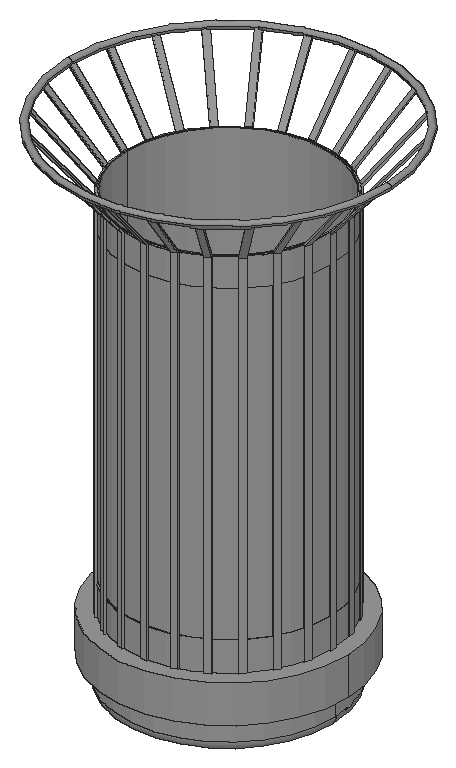
Revit family "Урна «Параллель с бетонным Арт 17090", category Антураж, Revit 2018
Family settings
  На основе рабочей плоскости = Нет
  Всегда вертикально = Да
  При загрузке вырезать с полостями = Нет
  Источник визуального образа = Геометрия семейства
  Общий = Нет
  Точка расчета площади = Нет
Parameters
  Ширина = 515 mm  # constant formula
  Цвет урны = Нержавеющая сталь
  Цвет основания = Бетон
  Цвет каркаса = Сталь
  Описание = "Урна «Параллель с бетонным основанием». Объем 45 литров"  # constant formula
  Материал изделия = ""
  Изображение типоразмера = Урна «Параллель с бетонным Арт 17090.jpg
  Изготовитель = "ООО «Хоббика»"  # constant formula
  Длина = 515 mm  # constant formula
  Группа модели = "Уличные урны"  # constant formula
  Высота = 800 mm  # constant formula
  Артикул товара = "Арт. 17090"  # constant formula
  URL = "https://hobbyka.ru/product/urna_parallel_s_betonnym_osnovaniem/"
Reference planes
  plane 1 "По центру (Вперед/Назад)": y = 0
  plane 2: z = 0
  plane 3 "По центру (Влево/Вправо)": x = 0
  plane 4: y = 515
  plane 5: x = 515
  plane 6: z = 800
Forms (mm)
  Extrusion 1, solid, material "Бетон" <- "Цвет основания"
    sketch origin (0, 0, 0) x (1, 0, 0) y (0, 1, 0)
      loop
        circle (257.5, 257.5) r 190
    from 0 to 110
  Sweep 2, void
    path origin (0, 0, 0) x (1, 0, 0) y (0, 1, 0)
      loop
        circle (257.5, 257.5) r 190
    profile origin (257.5, 447.5, 0) x (0, -1, 0) y (0, 0, 1)
      loop
        line (20, 15) -> (20, 50) -> (0, 50) -> (0, 110) -> (-10, 110) -> (-10, 0) -> (35, 0)
        arc (35, 0) -> (24.393, 4.393) -> (20, 15) r 15
  Extrusion 3, solid, material "Сталь" <- "Цвет каркаса"
    sketch origin (0, 0, 0) x (1, 0, 0) y (0, 1, 0)
      loop
        circle (257.5, 257.5) r 162.5
      loop
        circle (257.5, 257.5) r 164.5
    from 110 to 157.068
  Extrusion 4, solid, material "Сталь" <- "Цвет каркаса"
    sketch origin (0, 0, 0) x (1, 0, 0) y (0, 1, 0)
      loop
        circle (257.5, 257.5) r 162.5
      loop
        circle (257.5, 257.5) r 164.5
    from 654.963 to 700
  Sweep 5, solid, material "Сталь" <- "Цвет каркаса"
    path origin (0, 0, 0) x (1, 0, 0) y (0, 1, 0)
      loop
        circle (257.5, 257.5) r 257.5
    profile origin (257.5, 515, 0) x (0, -1, 0) y (0, 0, 1)
      loop
        circle (5, 795) r 5
  Extrusion 6, solid, material "Сталь" <- "Цвет каркаса"
    sketch origin (515, 515, 0) x (-1, 0, 0) y (0, 0, 1)
      loop
        line (422, 110) -> (424, 110) -> (424, 699.249) -> (505.588, 792.633)
        arc (505.588, 792.633) -> (505.145, 793.776) -> (504.993, 794.992) r 5.007
        line (504.993, 794.992) -> (422, 700) -> (422, 110)
    from -262.5 to -252.5
  Extrusion 7, solid, material "Сталь" <- "Цвет каркаса"
    sketch origin (0, 515, 0) x (0, -1, 0) y (0, 0, 1)
      loop
        line (422, 110) -> (424, 110) -> (424, 699.249) -> (505.588, 792.633)
        arc (505.588, 792.633) -> (505.145, 793.776) -> (504.993, 794.992) r 5.007
        line (504.993, 794.992) -> (422, 700) -> (422, 110)
    from -262.5 to -252.5
  Extrusion 8, solid, material "Сталь" <- "Цвет каркаса"
    sketch origin (0, 0, 0) x (1, 0, 0) y (0, 0, 1)
      loop
        line (422, 110) -> (424, 110) -> (424, 699.249) -> (505.588, 792.633)
        arc (505.588, 792.633) -> (505.145, 793.776) -> (504.993, 794.992) r 5.007
        line (504.993, 794.992) -> (422, 700) -> (422, 110)
    from -262.5 to -252.5
  Extrusion 9, solid, material "Сталь" <- "Цвет каркаса"
    sketch origin (515, 0, 0) x (0, 1, 0) y (0, 0, 1)
      loop
        line (422, 110) -> (424, 110) -> (424, 699.249) -> (505.588, 792.633)
        arc (505.588, 792.633) -> (505.145, 793.776) -> (504.993, 794.992) r 5.007
        line (504.993, 794.992) -> (422, 700) -> (422, 110)
    from -262.5 to -252.5
  Extrusion 10, solid, material "Сталь" <- "Цвет каркаса"
    sketch origin (621.66, 257.5, 0) x (-0.707107, 0.707107, 0) y (0, 0, 1)
      loop
        line (422, 110) -> (424, 110) -> (424, 699.249) -> (505.588, 792.633)
        arc (505.588, 792.633) -> (505.145, 793.776) -> (504.993, 794.992) r 5.007
        line (504.993, 794.992) -> (422, 700) -> (422, 110)
    from -262.5 to -252.5
  Extrusion 11, solid, material "Сталь" <- "Цвет каркаса"
    sketch origin (257.5, 621.66, 0) x (-0.707107, -0.707107, 0) y (0, 0, 1)
      loop
        line (422, 110) -> (424, 110) -> (424, 699.249) -> (505.588, 792.633)
        arc (505.588, 792.633) -> (505.145, 793.776) -> (504.993, 794.992) r 5.007
        line (504.993, 794.992) -> (422, 700) -> (422, 110)
    from -262.5 to -252.5
  Extrusion 12, solid, material "Сталь" <- "Цвет каркаса"
    sketch origin (-106.66, 257.5, 0) x (0.707107, -0.707107, 0) y (0, 0, 1)
      loop
        line (422, 110) -> (424, 110) -> (424, 699.249) -> (505.588, 792.633)
        arc (505.588, 792.633) -> (505.145, 793.776) -> (504.993, 794.992) r 5.007
        line (504.993, 794.992) -> (422, 700) -> (422, 110)
    from -262.5 to -252.5
  Extrusion 13, solid, material "Сталь" <- "Цвет каркаса"
    sketch origin (257.5, -106.66, 0) x (0.707107, 0.707107, 0) y (0, 0, 1)
      loop
        line (422, 110) -> (424, 110) -> (424, 699.249) -> (505.588, 792.633)
        arc (505.588, 792.633) -> (505.145, 793.776) -> (504.993, 794.992) r 5.007
        line (504.993, 794.992) -> (422, 700) -> (422, 110)
    from -262.5 to -252.5
  Extrusion 14, solid, material "Сталь" <- "Цвет каркаса"
    sketch origin (572.872, 439.58, 0) x (-0.965926, 0.258819, 0) y (0, 0, 1)
      loop
        line (422, 110) -> (424, 110) -> (424, 699.249) -> (505.588, 792.633)
        arc (505.588, 792.633) -> (505.145, 793.776) -> (504.993, 794.992) r 5.007
        line (504.993, 794.992) -> (422, 700) -> (422, 110)
    from -262.5 to -252.5
  Extrusion 15, solid, material "Сталь" <- "Цвет каркаса"
    sketch origin (75.42, 572.872, 0) x (-0.258819, -0.965926, 0) y (0, 0, 1)
      loop
        line (422, 110) -> (424, 110) -> (424, 699.249) -> (505.588, 792.633)
        arc (505.588, 792.633) -> (505.145, 793.776) -> (504.993, 794.992) r 5.007
        line (504.993, 794.992) -> (422, 700) -> (422, 110)
    from -262.5 to -252.5
  Extrusion 16, solid, material "Сталь" <- "Цвет каркаса"
    sketch origin (-57.872, 75.42, 0) x (0.965926, -0.258819, 0) y (0, 0, 1)
      loop
        line (422, 110) -> (424, 110) -> (424, 699.249) -> (505.588, 792.633)
        arc (505.588, 792.633) -> (505.145, 793.776) -> (504.993, 794.992) r 5.007
        line (504.993, 794.992) -> (422, 700) -> (422, 110)
    from -262.5 to -252.5
  Extrusion 17, solid, material "Сталь" <- "Цвет каркаса"
    sketch origin (439.58, -57.872, 0) x (0.258819, 0.965926, 0) y (0, 0, 1)
      loop
        line (422, 110) -> (424, 110) -> (424, 699.249) -> (505.588, 792.633)
        arc (505.588, 792.633) -> (505.145, 793.776) -> (504.993, 794.992) r 5.007
        line (504.993, 794.992) -> (422, 700) -> (422, 110)
    from -262.5 to -252.5
  Extrusion 18, solid, material "Сталь" <- "Цвет каркаса"
    sketch origin (609.252, 163.248, 0) x (-0.5, 0.866025, 0) y (0, 0, 1)
      loop
        line (422, 110) -> (424, 110) -> (424, 699.249) -> (505.588, 792.633)
        arc (505.588, 792.633) -> (505.145, 793.776) -> (504.993, 794.992) r 5.007
        line (504.993, 794.992) -> (422, 700) -> (422, 110)
    from -262.5 to -252.5
  Extrusion 19, solid, material "Сталь" <- "Цвет каркаса"
    sketch origin (351.752, 609.252, 0) x (-0.866025, -0.5, 0) y (0, 0, 1)
      loop
        line (422, 110) -> (424, 110) -> (424, 699.249) -> (505.588, 792.633)
        arc (505.588, 792.633) -> (505.145, 793.776) -> (504.993, 794.992) r 5.007
        line (504.993, 794.992) -> (422, 700) -> (422, 110)
    from -262.5 to -252.5
  Extrusion 20, solid, material "Сталь" <- "Цвет каркаса"
    sketch origin (-94.252, 351.752, 0) x (0.5, -0.866025, 0) y (0, 0, 1)
      loop
        line (422, 110) -> (424, 110) -> (424, 699.249) -> (505.588, 792.633)
        arc (505.588, 792.633) -> (505.145, 793.776) -> (504.993, 794.992) r 5.007
        line (504.993, 794.992) -> (422, 700) -> (422, 110)
    from -262.5 to -252.5
  Extrusion 21, solid, material "Сталь" <- "Цвет каркаса"
    sketch origin (163.248, -94.252, 0) x (0.866025, 0.5, 0) y (0, 0, 1)
      loop
        line (422, 110) -> (424, 110) -> (424, 699.249) -> (505.588, 792.633)
        arc (505.588, 792.633) -> (505.145, 793.776) -> (504.993, 794.992) r 5.007
        line (504.993, 794.992) -> (422, 700) -> (422, 110)
    from -262.5 to -252.5
  Extrusion 22, solid, material "Сталь" <- "Цвет каркаса"
    sketch origin (609.252, 351.752, 0) x (-0.866025, 0.5, 0) y (0, 0, 1)
      loop
        line (422, 110) -> (424, 110) -> (424, 699.249) -> (505.588, 792.633)
        arc (505.588, 792.633) -> (505.145, 793.776) -> (504.993, 794.992) r 5.007
        line (504.993, 794.992) -> (422, 700) -> (422, 110)
    from -262.5 to -252.5
  Extrusion 23, solid, material "Сталь" <- "Цвет каркаса"
    sketch origin (163.248, 609.252, 0) x (-0.5, -0.866025, 0) y (0, 0, 1)
      loop
        line (422, 110) -> (424, 110) -> (424, 699.249) -> (505.588, 792.633)
        arc (505.588, 792.633) -> (505.145, 793.776) -> (504.993, 794.992) r 5.007
        line (504.993, 794.992) -> (422, 700) -> (422, 110)
    from -262.5 to -252.5
  Extrusion 24, solid, material "Сталь" <- "Цвет каркаса"
    sketch origin (-94.252, 163.248, 0) x (0.866025, -0.5, 0) y (0, 0, 1)
      loop
        line (422, 110) -> (424, 110) -> (424, 699.249) -> (505.588, 792.633)
        arc (505.588, 792.633) -> (505.145, 793.776) -> (504.993, 794.992) r 5.007
        line (504.993, 794.992) -> (422, 700) -> (422, 110)
    from -262.5 to -252.5
  Extrusion 25, solid, material "Сталь" <- "Цвет каркаса"
    sketch origin (351.752, -94.252, 0) x (0.5, 0.866025, 0) y (0, 0, 1)
      loop
        line (422, 110) -> (424, 110) -> (424, 699.249) -> (505.588, 792.633)
        arc (505.588, 792.633) -> (505.145, 793.776) -> (504.993, 794.992) r 5.007
        line (504.993, 794.992) -> (422, 700) -> (422, 110)
    from -262.5 to -252.5
  Extrusion 26, solid, material "Сталь" <- "Цвет каркаса"
    sketch origin (572.872, 75.42, 0) x (-0.258819, 0.965926, 0) y (0, 0, 1)
      loop
        line (422, 110) -> (424, 110) -> (424, 699.249) -> (505.588, 792.633)
        arc (505.588, 792.633) -> (505.145, 793.776) -> (504.993, 794.992) r 5.007
        line (504.993, 794.992) -> (422, 700) -> (422, 110)
    from -262.5 to -252.5
  Extrusion 27, solid, material "Сталь" <- "Цвет каркаса"
    sketch origin (439.58, 572.872, 0) x (-0.965926, -0.258819, 0) y (0, 0, 1)
      loop
        line (422, 110) -> (424, 110) -> (424, 699.249) -> (505.588, 792.633)
        arc (505.588, 792.633) -> (505.145, 793.776) -> (504.993, 794.992) r 5.007
        line (504.993, 794.992) -> (422, 700) -> (422, 110)
    from -262.5 to -252.5
  Extrusion 28, solid, material "Сталь" <- "Цвет каркаса"
    sketch origin (-57.872, 439.58, 0) x (0.258819, -0.965926, 0) y (0, 0, 1)
      loop
        line (422, 110) -> (424, 110) -> (424, 699.249) -> (505.588, 792.633)
        arc (505.588, 792.633) -> (505.145, 793.776) -> (504.993, 794.992) r 5.007
        line (504.993, 794.992) -> (422, 700) -> (422, 110)
    from -262.5 to -252.5
  Extrusion 29, solid, material "Сталь" <- "Цвет каркаса"
    sketch origin (75.42, -57.872, 0) x (0.965926, 0.258819, 0) y (0, 0, 1)
      loop
        line (422, 110) -> (424, 110) -> (424, 699.249) -> (505.588, 792.633)
        arc (505.588, 792.633) -> (505.145, 793.776) -> (504.993, 794.992) r 5.007
        line (504.993, 794.992) -> (422, 700) -> (422, 110)
    from -262.5 to -252.5
  Extrusion 30, solid, material "Нержавеющая сталь" <- "Цвет урны"
    sketch origin (0, 0, 0) x (1, 0, 0) y (0, 1, 0)
      loop
        circle (257.5, 257.5) r 162.5
    from 110 to 700
  Extrusion 31, void
    sketch origin (0, 0, 0) x (1, 0, 0) y (0, 1, 0)
      loop
        circle (257.5, 257.5) r 160.5
    from 124.273 to 715.909
Cuts and joins
  Sweep 2, Extrusion 31 cuts Extrusion 1
  Extrusion 31 cuts Extrusion 30
Dimensions and locks
  "Ширина": plane 1 "По центру (Вперед/Назад)" to plane 4
  "Длина": plane 3 "По центру (Влево/Вправо)" to plane 5
  "Высота": plane 6 to plane 2
  aligned and locked: level to plane 2
Automatic sketch dimensions
  plane 3 "По центру (Влево/Вправо)" to Extrusion 1 sketch curve = 257.5 mm
  Extrusion 1 sketch curve to plane 1 "По центру (Вперед/Назад)" = 257.5 mm
  Sweep 2 sketch curve to Sweep 2 sketch curve = 0 mm  (x3)
  plane 3 "По центру (Влево/Вправо)" to Sweep 2 sketch curve = 257.5 mm
  Sweep 2 sketch curve to plane 1 "По центру (Вперед/Назад)" = 257.5 mm
  plane 3 "По центру (Влево/Вправо)" to Sweep 2 sketch curve = 67.5 mm
  Sweep 2 sketch curve to level = 0 mm  (x2)
  Sweep 2 sketch curve to profile plane = 0 mm
  Sweep 2 sketch curve to profile plane = 20 mm
  level to Sweep 2 sketch curve = 15 mm
  Sweep 2 sketch curve to Sweep 2 sketch curve = 35 mm
  Sweep 2 sketch curve to Sweep 2 sketch curve = 60 mm
  Extrusion 3 sketch curve to Extrusion 3 sketch curve = 0 mm  (x12)
  plane 3 "По центру (Влево/Вправо)" to Extrusion 3 sketch curve = 257.5 mm
  Extrusion 3 sketch curve to plane 1 "По центру (Вперед/Назад)" = 257.5 mm
  plane 3 "По центру (Влево/Вправо)" to Extrusion 3 sketch curve = 95 mm
  Extrusion 3 sketch curve to Extrusion 3 sketch curve = 2 mm
  Extrusion 4 sketch curve to Extrusion 4 sketch curve = 0 mm  (x12)
  plane 3 "По центру (Влево/Вправо)" to Extrusion 4 sketch curve = 257.5 mm
  Extrusion 4 sketch curve to plane 1 "По центру (Вперед/Назад)" = 257.5 mm
  plane 3 "По центру (Влево/Вправо)" to Extrusion 4 sketch curve = 95 mm
  Extrusion 4 sketch curve to Extrusion 4 sketch curve = 2 mm
  plane 3 "По центру (Влево/Вправо)" to Sweep 5 sketch curve = 257.5 mm
  Sweep 5 sketch curve to plane 1 "По центру (Вперед/Назад)" = 257.5 mm
  Sweep 5 sketch curve to profile plane = 5 mm
  level to Sweep 5 sketch curve = 795 mm
  plane 3 "По центру (Влево/Вправо)" to Extrusion 6 sketch curve = 93 mm
  Extrusion 6 sketch curve to Extrusion 6 sketch curve = 2 mm
  plane 3 "По центру (Влево/Вправо)" to Extrusion 6 sketch curve = 10.007 mm
  Extrusion 6 sketch curve to plane 6 = 7.367 mm
  Extrusion 6 sketch curve to Extrusion 6 sketch curve = 0.595 mm
  plane 3 "По центру (Влево/Вправо)" to Extrusion 6 sketch curve = 5 mm
  Extrusion 6 sketch curve to plane 6 = 100 mm
  Extrusion 6 sketch curve to Extrusion 6 sketch curve = 0.751 mm
  level to Extrusion 6 sketch curve = 110 mm
  Extrusion 6 sketch curve to Extrusion 6 sketch curve = 2.359 mm
  Extrusion 7 sketch curve to plane 1 "По центру (Вперед/Назад)" = 93 mm
  Extrusion 7 sketch curve to Extrusion 7 sketch curve = 2 mm
  Extrusion 7 sketch curve to plane 1 "По центру (Вперед/Назад)" = 10.007 mm
  Extrusion 7 sketch curve to plane 6 = 7.367 mm
  Extrusion 7 sketch curve to Extrusion 7 sketch curve = 0.595 mm
  Extrusion 7 sketch curve to plane 1 "По центру (Вперед/Назад)" = 5 mm
  Extrusion 7 sketch curve to plane 6 = 100 mm
  Extrusion 7 sketch curve to Extrusion 7 sketch curve = 0.751 mm
  level to Extrusion 7 sketch curve = 110 mm
  Extrusion 7 sketch curve to Extrusion 7 sketch curve = 2.359 mm
  Extrusion 8 sketch curve to plane 5 = 93 mm
  Extrusion 8 sketch curve to Extrusion 8 sketch curve = 2 mm
  Extrusion 8 sketch curve to plane 5 = 10.007 mm
  Extrusion 8 sketch curve to plane 6 = 7.367 mm
  Extrusion 8 sketch curve to Extrusion 8 sketch curve = 0.595 mm
  Extrusion 8 sketch curve to plane 5 = 5 mm
  Extrusion 8 sketch curve to plane 6 = 100 mm
  Extrusion 8 sketch curve to Extrusion 8 sketch curve = 0.751 mm
  level to Extrusion 8 sketch curve = 110 mm
  Extrusion 8 sketch curve to Extrusion 8 sketch curve = 2.359 mm
  Extrusion 9 sketch curve to plane 4 = 93 mm
  Extrusion 9 sketch curve to Extrusion 9 sketch curve = 2 mm
  Extrusion 9 sketch curve to plane 4 = 10.007 mm
  Extrusion 9 sketch curve to plane 6 = 7.367 mm
  Extrusion 9 sketch curve to Extrusion 9 sketch curve = 0.595 mm
  Extrusion 9 sketch curve to plane 4 = 5 mm
  Extrusion 9 sketch curve to plane 6 = 100 mm
  Extrusion 9 sketch curve to Extrusion 9 sketch curve = 0.751 mm
  level to Extrusion 9 sketch curve = 110 mm
  Extrusion 9 sketch curve to Extrusion 9 sketch curve = 2.359 mm
  Extrusion 10 sketch curve to plane 6 = 100 mm
  Extrusion 10 sketch curve to Extrusion 10 sketch curve = 2 mm
  Extrusion 10 sketch curve to plane 6 = 5.008 mm
  Extrusion 10 sketch curve to Extrusion 10 sketch curve = 80.993 mm
  Extrusion 10 sketch curve to plane 6 = 7.367 mm
  Extrusion 10 sketch curve to Extrusion 10 sketch curve = 0.595 mm
  Extrusion 10 sketch curve to plane 6 = 5 mm
  Extrusion 10 sketch curve to Extrusion 10 sketch curve = 0.751 mm
  level to Extrusion 10 sketch curve = 110 mm
  Extrusion 11 sketch curve to plane 6 = 100 mm
  Extrusion 11 sketch curve to Extrusion 11 sketch curve = 2 mm
  Extrusion 11 sketch curve to plane 6 = 5.008 mm
  Extrusion 11 sketch curve to Extrusion 11 sketch curve = 80.993 mm
  Extrusion 11 sketch curve to plane 6 = 7.367 mm
  Extrusion 11 sketch curve to Extrusion 11 sketch curve = 0.595 mm
  Extrusion 11 sketch curve to plane 6 = 5 mm
  Extrusion 11 sketch curve to Extrusion 11 sketch curve = 0.751 mm
  level to Extrusion 11 sketch curve = 110 mm
  Extrusion 12 sketch curve to plane 6 = 100 mm
  Extrusion 12 sketch curve to Extrusion 12 sketch curve = 2 mm
  Extrusion 12 sketch curve to plane 6 = 5.008 mm
  Extrusion 12 sketch curve to Extrusion 12 sketch curve = 80.993 mm
  Extrusion 12 sketch curve to plane 6 = 7.367 mm
  Extrusion 12 sketch curve to Extrusion 12 sketch curve = 0.595 mm
  Extrusion 12 sketch curve to plane 6 = 5 mm
  Extrusion 12 sketch curve to Extrusion 12 sketch curve = 0.751 mm
  level to Extrusion 12 sketch curve = 110 mm
  Extrusion 13 sketch curve to plane 6 = 100 mm
  Extrusion 13 sketch curve to Extrusion 13 sketch curve = 2 mm
  Extrusion 13 sketch curve to plane 6 = 5.008 mm
  Extrusion 13 sketch curve to Extrusion 13 sketch curve = 80.993 mm
  Extrusion 13 sketch curve to plane 6 = 7.367 mm
  Extrusion 13 sketch curve to Extrusion 13 sketch curve = 0.595 mm
  Extrusion 13 sketch curve to plane 6 = 5 mm
  Extrusion 13 sketch curve to Extrusion 13 sketch curve = 0.751 mm
  level to Extrusion 13 sketch curve = 110 mm
  Extrusion 14 sketch curve to plane 6 = 100 mm
  Extrusion 14 sketch curve to Extrusion 14 sketch curve = 2 mm
  Extrusion 14 sketch curve to plane 6 = 5.008 mm
  Extrusion 14 sketch curve to Extrusion 14 sketch curve = 80.993 mm
  Extrusion 14 sketch curve to plane 6 = 7.367 mm
  Extrusion 14 sketch curve to Extrusion 14 sketch curve = 0.595 mm
  Extrusion 14 sketch curve to plane 6 = 5 mm
  Extrusion 14 sketch curve to Extrusion 14 sketch curve = 0.751 mm
  level to Extrusion 14 sketch curve = 110 mm
  Extrusion 15 sketch curve to plane 6 = 100 mm
  Extrusion 15 sketch curve to Extrusion 15 sketch curve = 2 mm
  Extrusion 15 sketch curve to plane 6 = 5.008 mm
  Extrusion 15 sketch curve to Extrusion 15 sketch curve = 80.993 mm
  Extrusion 15 sketch curve to plane 6 = 7.367 mm
  Extrusion 15 sketch curve to Extrusion 15 sketch curve = 0.595 mm
  Extrusion 15 sketch curve to plane 6 = 5 mm
  Extrusion 15 sketch curve to Extrusion 15 sketch curve = 0.751 mm
  level to Extrusion 15 sketch curve = 110 mm
  Extrusion 16 sketch curve to plane 6 = 100 mm
  Extrusion 16 sketch curve to Extrusion 16 sketch curve = 2 mm
  Extrusion 16 sketch curve to plane 6 = 5.008 mm
  Extrusion 16 sketch curve to Extrusion 16 sketch curve = 80.993 mm
  Extrusion 16 sketch curve to plane 6 = 7.367 mm
  Extrusion 16 sketch curve to Extrusion 16 sketch curve = 0.595 mm
  Extrusion 16 sketch curve to plane 6 = 5 mm
  Extrusion 16 sketch curve to Extrusion 16 sketch curve = 0.751 mm
  level to Extrusion 16 sketch curve = 110 mm
  Extrusion 17 sketch curve to plane 6 = 100 mm
  Extrusion 17 sketch curve to Extrusion 17 sketch curve = 2 mm
  Extrusion 17 sketch curve to plane 6 = 5.008 mm
  Extrusion 17 sketch curve to Extrusion 17 sketch curve = 80.993 mm
  Extrusion 17 sketch curve to plane 6 = 7.367 mm
  Extrusion 17 sketch curve to Extrusion 17 sketch curve = 0.595 mm
  Extrusion 17 sketch curve to plane 6 = 5 mm
  Extrusion 17 sketch curve to Extrusion 17 sketch curve = 0.751 mm
  level to Extrusion 17 sketch curve = 110 mm
  Extrusion 18 sketch curve to plane 6 = 100 mm
  Extrusion 18 sketch curve to Extrusion 18 sketch curve = 2 mm
  Extrusion 18 sketch curve to plane 6 = 5.008 mm
  Extrusion 18 sketch curve to Extrusion 18 sketch curve = 80.993 mm
  Extrusion 18 sketch curve to plane 6 = 7.367 mm
  Extrusion 18 sketch curve to Extrusion 18 sketch curve = 0.595 mm
  Extrusion 18 sketch curve to plane 6 = 5 mm
  Extrusion 18 sketch curve to Extrusion 18 sketch curve = 0.751 mm
  level to Extrusion 18 sketch curve = 110 mm
  Extrusion 19 sketch curve to plane 6 = 100 mm
  Extrusion 19 sketch curve to Extrusion 19 sketch curve = 2 mm
  Extrusion 19 sketch curve to plane 6 = 5.008 mm
  Extrusion 19 sketch curve to Extrusion 19 sketch curve = 80.993 mm
  Extrusion 19 sketch curve to plane 6 = 7.367 mm
  Extrusion 19 sketch curve to Extrusion 19 sketch curve = 0.595 mm
  Extrusion 19 sketch curve to plane 6 = 5 mm
  Extrusion 19 sketch curve to Extrusion 19 sketch curve = 0.751 mm
  level to Extrusion 19 sketch curve = 110 mm
  Extrusion 20 sketch curve to plane 6 = 100 mm
  Extrusion 20 sketch curve to Extrusion 20 sketch curve = 2 mm
  Extrusion 20 sketch curve to plane 6 = 5.008 mm
  Extrusion 20 sketch curve to Extrusion 20 sketch curve = 80.993 mm
  Extrusion 20 sketch curve to plane 6 = 7.367 mm
  Extrusion 20 sketch curve to Extrusion 20 sketch curve = 0.595 mm
  Extrusion 20 sketch curve to plane 6 = 5 mm
  Extrusion 20 sketch curve to Extrusion 20 sketch curve = 0.751 mm
  level to Extrusion 20 sketch curve = 110 mm
  Extrusion 21 sketch curve to plane 6 = 100 mm
  Extrusion 21 sketch curve to Extrusion 21 sketch curve = 2 mm
  Extrusion 21 sketch curve to plane 6 = 5.008 mm
  Extrusion 21 sketch curve to Extrusion 21 sketch curve = 80.993 mm
  Extrusion 21 sketch curve to plane 6 = 7.367 mm
  Extrusion 21 sketch curve to Extrusion 21 sketch curve = 0.595 mm
  Extrusion 21 sketch curve to plane 6 = 5 mm
  Extrusion 21 sketch curve to Extrusion 21 sketch curve = 0.751 mm
  level to Extrusion 21 sketch curve = 110 mm
  Extrusion 22 sketch curve to plane 6 = 100 mm
  Extrusion 22 sketch curve to Extrusion 22 sketch curve = 2 mm
  Extrusion 22 sketch curve to plane 6 = 5.008 mm
  Extrusion 22 sketch curve to Extrusion 22 sketch curve = 80.993 mm
  Extrusion 22 sketch curve to plane 6 = 7.367 mm
  Extrusion 22 sketch curve to Extrusion 22 sketch curve = 0.595 mm
  Extrusion 22 sketch curve to plane 6 = 5 mm
  Extrusion 22 sketch curve to Extrusion 22 sketch curve = 0.751 mm
  level to Extrusion 22 sketch curve = 110 mm
  Extrusion 23 sketch curve to plane 6 = 100 mm
  Extrusion 23 sketch curve to Extrusion 23 sketch curve = 2 mm
  Extrusion 23 sketch curve to plane 6 = 5.008 mm
  Extrusion 23 sketch curve to Extrusion 23 sketch curve = 80.993 mm
  Extrusion 23 sketch curve to plane 6 = 7.367 mm
  Extrusion 23 sketch curve to Extrusion 23 sketch curve = 0.595 mm
  Extrusion 23 sketch curve to plane 6 = 5 mm
  Extrusion 23 sketch curve to Extrusion 23 sketch curve = 0.751 mm
  level to Extrusion 23 sketch curve = 110 mm
  Extrusion 24 sketch curve to plane 6 = 100 mm
  Extrusion 24 sketch curve to Extrusion 24 sketch curve = 2 mm
  Extrusion 24 sketch curve to plane 6 = 5.008 mm
  Extrusion 24 sketch curve to Extrusion 24 sketch curve = 80.993 mm
  Extrusion 24 sketch curve to plane 6 = 7.367 mm
  Extrusion 24 sketch curve to Extrusion 24 sketch curve = 0.595 mm
  Extrusion 24 sketch curve to plane 6 = 5 mm
  Extrusion 24 sketch curve to Extrusion 24 sketch curve = 0.751 mm
  level to Extrusion 24 sketch curve = 110 mm
  Extrusion 25 sketch curve to plane 6 = 100 mm
  Extrusion 25 sketch curve to Extrusion 25 sketch curve = 2 mm
  Extrusion 25 sketch curve to plane 6 = 5.008 mm
  Extrusion 25 sketch curve to Extrusion 25 sketch curve = 80.993 mm
  Extrusion 25 sketch curve to plane 6 = 7.367 mm
  Extrusion 25 sketch curve to Extrusion 25 sketch curve = 0.595 mm
  Extrusion 25 sketch curve to plane 6 = 5 mm
  Extrusion 25 sketch curve to Extrusion 25 sketch curve = 0.751 mm
  level to Extrusion 25 sketch curve = 110 mm
  Extrusion 26 sketch curve to plane 6 = 100 mm
  Extrusion 26 sketch curve to Extrusion 26 sketch curve = 2 mm
  Extrusion 26 sketch curve to plane 6 = 5.008 mm
  Extrusion 26 sketch curve to Extrusion 26 sketch curve = 80.993 mm
  Extrusion 26 sketch curve to plane 6 = 7.367 mm
  Extrusion 26 sketch curve to Extrusion 26 sketch curve = 0.595 mm
  Extrusion 26 sketch curve to plane 6 = 5 mm
  Extrusion 26 sketch curve to Extrusion 26 sketch curve = 0.751 mm
  level to Extrusion 26 sketch curve = 110 mm
  Extrusion 27 sketch curve to plane 6 = 100 mm
  Extrusion 27 sketch curve to Extrusion 27 sketch curve = 2 mm
  Extrusion 27 sketch curve to plane 6 = 5.008 mm
  Extrusion 27 sketch curve to Extrusion 27 sketch curve = 80.993 mm
  Extrusion 27 sketch curve to plane 6 = 7.367 mm
  Extrusion 27 sketch curve to Extrusion 27 sketch curve = 0.595 mm
  Extrusion 27 sketch curve to plane 6 = 5 mm
  Extrusion 27 sketch curve to Extrusion 27 sketch curve = 0.751 mm
  level to Extrusion 27 sketch curve = 110 mm
  Extrusion 28 sketch curve to plane 6 = 100 mm
  Extrusion 28 sketch curve to Extrusion 28 sketch curve = 2 mm
  Extrusion 28 sketch curve to plane 6 = 5.008 mm
  Extrusion 28 sketch curve to Extrusion 28 sketch curve = 80.993 mm
  Extrusion 28 sketch curve to plane 6 = 7.367 mm
  Extrusion 28 sketch curve to Extrusion 28 sketch curve = 0.595 mm
  Extrusion 28 sketch curve to plane 6 = 5 mm
  Extrusion 28 sketch curve to Extrusion 28 sketch curve = 0.751 mm
  level to Extrusion 28 sketch curve = 110 mm
  Extrusion 29 sketch curve to plane 6 = 100 mm
  Extrusion 29 sketch curve to Extrusion 29 sketch curve = 2 mm
  Extrusion 29 sketch curve to plane 6 = 5.008 mm
  Extrusion 29 sketch curve to Extrusion 29 sketch curve = 80.993 mm
  Extrusion 29 sketch curve to plane 6 = 7.367 mm
  Extrusion 29 sketch curve to Extrusion 29 sketch curve = 0.595 mm
  Extrusion 29 sketch curve to plane 6 = 5 mm
  Extrusion 29 sketch curve to Extrusion 29 sketch curve = 0.751 mm
  level to Extrusion 29 sketch curve = 110 mm
  profile plane to Sweep 2 sketch curve = 10 mm
  plane 3 "По центру (Влево/Вправо)" to Extrusion 30 sketch curve = 257.5 mm
  Extrusion 30 sketch curve to plane 1 "По центру (Вперед/Назад)" = 257.5 mm
  Extrusion 31 sketch curve to Extrusion 31 sketch curve = 0 mm  (x2)
  plane 3 "По центру (Влево/Вправо)" to Extrusion 31 sketch curve = 257.5 mm
  Extrusion 31 sketch curve to plane 1 "По центру (Вперед/Назад)" = 257.5 mm
  plane 3 "По центру (Влево/Вправо)" to Extrusion 31 sketch curve = 97 mm
  radius of Extrusion 1 sketch curve = 190 mm
  radius of Sweep 5 sketch curve = 257.5 mm
  radius of Sweep 5 sketch curve = 5 mm
  radius of Extrusion 30 sketch curve = 162.5 mm
